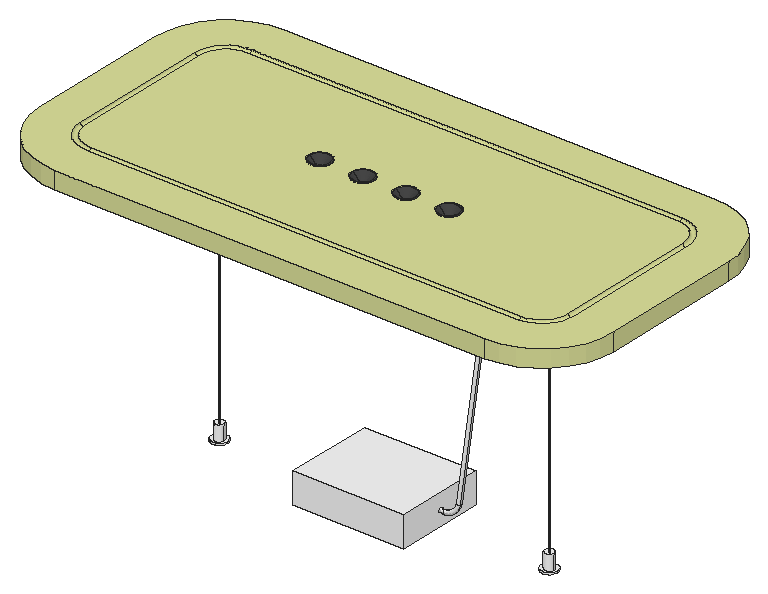
Revit family "902-0552", category Generic Models, host Face, Revit 2023
Family settings
  Host = Face
  Can host rebar = No
  Round Connector Dimension = Use Diameter
  Part Type = Normal
  Cut with Voids When Loaded = No
  Maintain Annotation Orientation = No
  Shared = No
  Room Calculation Point = No
Parameters (values of type "20")
  Suspension height = 400 mm
  S_H1 = 2 mm
  S_D2 = 1.5 mm
  S_D1 = 7.5 mm
  S1_H2 = 30 mm
  R4 = 03 Crystal White
  R3 [instance] = 22 Spring Green
  Model = "902-0552"
  Manufacturer = "Prolicht"
  M_L2 = 240 mm
  M_L1 = 60 mm
  M_H1 = 50 mm
  Light_distribution = lvk_Focus_2023 : 20°
  K_D1 = 5 mm
  H_L2 = 40 mm
  H_L1 = 120 mm
  H_H1 = 376 mm
  H_D1 = 420 mm
  Focus_T1 = 24 mm
  Focus_R1 = 100 mm
  Focus_L2 = 400 mm
  Focus_L1 = 800 mm
  Focus_D2 = 8 mm
  Focus_D1 = 31 mm
  F2 [instance] = 02 Black Velvet
  F1 [instance] = 03 Crystal White
  Default Elevation = 1219.2 mm
  C_L2 = 155 mm
  C_L1 = 125 mm
  C_H1 = 42 mm
  AB_H2 = 1.8 mm
  AB_H1 = 22 mm
  AB_D2 = 22.5 mm
  AB_D1 = 13 mm
Types (3, lengths in mm): name | Light_distribution
  (no name) | lvk_Focus_2023 : 20°
  20 | lvk_Focus_2023 : 20°
  40 | lvk_Focus_2023 : 40°
Reference planes
  plane 1 "Center (Front/Back)": y = 0
  plane 2: z = 0
  plane 3 "Center (Left/Right)": x = 0
Forms (mm)
  Extrusion 1, solid, material "22 Spring Green" <- "R3"
    sketch origin (0, 0, 0) x (1, 0, 0) y (0, 1, 0)
      loop
        arc (-300, 200) -> (-370.711, 170.711) -> (-400, 100) r 100
        line (-400, 100) -> (-400, -100)
        arc (-400, -100) -> (-370.711, -170.711) -> (-300, -200) r 100
        line (-300, -200) -> (300, -200)
        arc (300, -200) -> (370.711, -170.711) -> (400, -100) r 100
        line (400, -100) -> (400, 100)
        arc (400, 100) -> (370.711, 170.711) -> (300, 200) r 100
        line (300, 200) -> (-300, 200)
      loop
        circle (-30, 0) r 15.5
      loop
        circle (-90, 0) r 15.5
      loop
        circle (30, 0) r 15.5
      loop
        circle (90, 0) r 15.5
    from 376 to 400
  Sweep 2, void
    path in 3D
      loop
        arc (-300, -140, 400) -> (-328.284, -128.284, 400) -> (-340, -100, 400) r 40
        line (-340, -100, 400) -> (-340, 100, 400)
        arc (-340, 100, 400) -> (-328.284, 128.284, 400) -> (-300, 140, 400) r 40
        line (-300, 140, 400) -> (300, 140, 400)
        arc (300, 140, 400) -> (328.284, 128.284, 400) -> (340, 100, 400) r 40
        line (340, 100, 400) -> (340, -100, 400)
        arc (340, -100, 400) -> (328.284, -128.284, 400) -> (300, -140, 400) r 40
        line (300, -140, 400) -> (-300, -140, 400)
    profile origin (0, -140, 400) x (0, -1, 0) y (0, 0, 1)
      loop
        circle (0, 0) r 4
  Extrusion 3, solid, material "03 Crystal White" <- "F1"
    sketch origin (0, 0, 0) x (1, 0, 0) y (0, 1, 0)
      loop
        line (-77.5, 62.5) -> (-77.5, -62.5) -> (77.5, -62.5) -> (77.5, 62.5) -> (-77.5, 62.5)
    from 0 to 42
  Extrusion 4, solid, material "02 Black Velvet"
    sketch origin (0, 0, 0) x (1, 0, 0) y (0, 1, 0)
      loop
        line (-120, 30) -> (-120, -30) -> (120, -30) -> (120, 30) -> (-120, 30)
    from 326 to 376
  Revolve 5, solid, material "02 Black Velvet" <- "F2"
    sketch origin (0, 0, 0) x (1, 0, 0) y (0, 0, 1)
      loop
        line (105.5, 400) -> (103.85, 400) -> (94.5, 390)
        arc (94.5, 390) -> (97.381, 386.776) -> (98.5, 382.6) r 9.333
        line (98.5, 382.6) -> (100.902, 376) -> (105.5, 376) -> (105.5, 400)
      axis (90, 400) -> (90, 376)
    angle from 0 to 360
  Revolve 6, solid, material "Linsenoptik"
    sketch origin (0, 0, 0) x (1, 0, 0) y (0, 0, 1)
      loop
        arc (94.5, 390) -> (92.819, 390.191) -> (91.127, 390.153) r 12.546
        arc (91.127, 390.153) -> (90.573, 390.307) -> (90, 390.338) r 2.661
        line (90, 390.338) -> (90, 382.6) -> (98.5, 382.6)
        arc (98.5, 382.6) -> (97.383, 386.777) -> (94.5, 390) r 9.314
      axis (90, 390.338) -> (90, 382.6)
    angle from 0 to 360
  Revolve 7, solid, material "02 Black Velvet" <- "F2"
    sketch origin (-60, 0, 0) x (1, 0, 0) y (0, 0, 1)
      loop
        line (105.5, 400) -> (103.85, 400) -> (94.5, 390)
        arc (94.5, 390) -> (97.381, 386.776) -> (98.5, 382.6) r 9.333
        line (98.5, 382.6) -> (100.902, 376) -> (105.5, 376) -> (105.5, 400)
      axis (90, 400) -> (90, 376)
    angle from 0 to 360
  Revolve 8, solid, material "Linsenoptik"
    sketch origin (-60, 0, 0) x (1, 0, 0) y (0, 0, 1)
      loop
        arc (94.5, 390) -> (92.819, 390.191) -> (91.127, 390.153) r 12.546
        arc (91.127, 390.153) -> (90.573, 390.307) -> (90, 390.338) r 2.661
        line (90, 390.338) -> (90, 382.6) -> (98.5, 382.6)
        arc (98.5, 382.6) -> (97.383, 386.777) -> (94.5, 390) r 9.314
      axis (90, 390.338) -> (90, 382.6)
    angle from 0 to 360
  Revolve 9, solid, material "02 Black Velvet" <- "F2"
    sketch origin (-120, 0, 0) x (1, 0, 0) y (0, 0, 1)
      loop
        line (105.5, 400) -> (103.85, 400) -> (94.5, 390)
        arc (94.5, 390) -> (97.381, 386.776) -> (98.5, 382.6) r 9.333
        line (98.5, 382.6) -> (100.902, 376) -> (105.5, 376) -> (105.5, 400)
      axis (90, 400) -> (90, 376)
    angle from 0 to 360
  Revolve 10, solid, material "Linsenoptik"
    sketch origin (-120, 0, 0) x (1, 0, 0) y (0, 0, 1)
      loop
        arc (94.5, 390) -> (92.819, 390.191) -> (91.127, 390.153) r 12.546
        arc (91.127, 390.153) -> (90.573, 390.307) -> (90, 390.338) r 2.661
        line (90, 390.338) -> (90, 382.6) -> (98.5, 382.6)
        arc (98.5, 382.6) -> (97.383, 386.777) -> (94.5, 390) r 9.314
      axis (90, 390.338) -> (90, 382.6)
    angle from 0 to 360
  Revolve 11, solid, material "02 Black Velvet" <- "F2"
    sketch origin (-180, 0, 0) x (1, 0, 0) y (0, 0, 1)
      loop
        line (105.5, 400) -> (103.85, 400) -> (94.5, 390)
        arc (94.5, 390) -> (97.381, 386.776) -> (98.5, 382.6) r 9.333
        line (98.5, 382.6) -> (100.902, 376) -> (105.5, 376) -> (105.5, 400)
      axis (90, 400) -> (90, 376)
    angle from 0 to 360
  Revolve 12, solid, material "Linsenoptik"
    sketch origin (-180, 0, 0) x (1, 0, 0) y (0, 0, 1)
      loop
        arc (94.5, 390) -> (92.819, 390.191) -> (91.127, 390.153) r 12.546
        arc (91.127, 390.153) -> (90.573, 390.307) -> (90, 390.338) r 2.661
        line (90, 390.338) -> (90, 382.6) -> (98.5, 382.6)
        arc (98.5, 382.6) -> (97.383, 386.777) -> (94.5, 390) r 9.314
      axis (90, 390.338) -> (90, 382.6)
    angle from 0 to 360
  Extrusion 13, solid, material "Stainless Steel, Polished"
    sketch origin (0, 0, 0) x (1, 0, 0) y (0, 1, 0)
      loop
        line (-250, 60) -> (-250, -60) -> (-210, -60) -> (-210, 60) -> (-250, 60)
      loop
        line (250, 60) -> (210, 60) -> (210, -60) -> (250, -60) -> (250, 60)
    from 374 to 376
  Sweep 14, solid, material "Stainless Steel, Polished"
    path origin (0, 0, 378.328) x (0, -1, 0) y (0, 0, 1)
      loop
        arc (37.833, -3.387) -> (23.424, -34.04) -> (0, -58.505) r 104.916
    profile origin (0, -23.424, 344.287) x (0, -0.824465, -0.565913) y (-1, 0, 0)
      loop
        circle (0, 230) r 0.75
  Sweep 15, solid, material "Stainless Steel, Polished"
    path origin (0, 0, 378.328) x (0, 1, 0) y (0, 0, -1)
      loop
        arc (37.833, 3.387) -> (23.424, 34.04) -> (0, 58.505) r 104.916
    profile origin (0, 23.424, 344.287) x (0, -0.824465, 0.565913) y (-1, 0, 0)
      loop
        circle (0, 230) r 0.75
  Extrusion 16, solid, material "Stainless Steel, Polished"
    sketch origin (0, 0, 0) x (1, 0, 0) y (0, 1, 0)
      loop
        circle (-230, 0) r 3.75
    from 296 to 326
  Extrusion 17, solid, material "Stainless Steel, Polished"
    sketch origin (0, 0, 0) x (1, 0, 0) y (0, 1, 0)
      loop
        circle (-230, 0) r 0.75
    from 0 to 320.422
  Sweep 18, solid, material "Stainless Steel, Polished"
    path origin (0, 0, 378.328) x (0, -1, 0) y (0, 0, -1)
      loop
        arc (37.833, 3.387) -> (23.424, 34.04) -> (0, 58.505) r 104.916
    profile origin (0, -23.424, 344.287) x (0, 0.824465, 0.565913) y (1, 0, 0)
      loop
        circle (0, 230) r 0.75
  Sweep 19, solid, material "Stainless Steel, Polished"
    path origin (0, 0, 378.328) x (0, 1, 0) y (0, 0, 1)
      loop
        arc (37.833, -3.387) -> (23.424, -34.04) -> (0, -58.505) r 104.916
    profile origin (0, 23.424, 344.287) x (0, 0.824465, -0.565913) y (1, 0, 0)
      loop
        circle (0, 230) r 0.75
  Extrusion 20, solid, material "Stainless Steel, Polished"
    sketch origin (0, 0, 0) x (-1, 0, 0) y (0, -1, 0)
      loop
        circle (-230, 0) r 3.75
    from 296 to 326
  Extrusion 21, solid, material "Stainless Steel, Polished"
    sketch origin (0, 0, 0) x (-1, 0, 0) y (0, -1, 0)
      loop
        circle (-230, 0) r 0.75
    from 0 to 319.223
  Sweep 22, solid, material "03 Crystal White" <- "R4"
    path origin (0, 0, 0) x (1, 0, 0) y (0, 0, 1)
      loop
        line (120, 351) -> (125.195, 351)
        arc (125.195, 351) -> (140.289, 344.121) -> (145, 328.217) r 20
        line (145, 328.217) -> (104.243, 38.217)
        arc (104.243, 38.217) -> (97.559, 25.906) -> (84.438, 21) r 20
        line (84.438, 21) -> (77.5, 21)
    profile origin (122.597, 0, 351) x (0, 0, 1) y (0, -1, 0)
      loop
        circle (0, 0) r 2.5
  Extrusion 23, solid, material "03 Crystal White" <- "F1"
    sketch origin (0, 0, 0) x (1, 0, 0) y (0, 1, 0)
      loop
        circle (-230, 0) r 6.5
    from 0 to 22
  Extrusion 24, solid, material "03 Crystal White" <- "F1"
    sketch origin (0, 0, 0) x (1, 0, 0) y (0, 1, 0)
      loop
        circle (-230, 0) r 11.25
    from 0 to 1.8
  Extrusion 25, solid, material "03 Crystal White" <- "F1"
    sketch origin (0, 0, 0) x (-1, 0, 0) y (0, -1, 0)
      loop
        circle (-230, 0) r 6.5
    from 0 to 22
  Extrusion 26, solid, material "03 Crystal White" <- "F1"
    sketch origin (0, 0, 0) x (-1, 0, 0) y (0, -1, 0)
      loop
        circle (-230, 0) r 11.25
    from 0 to 1.8
Cuts and joins
  Sweep 2 cuts Extrusion 1
  joined: Extrusion 23, Extrusion 24
Lines and regions (mm)
  model lines, style "InvisibleLines"
    curve 1: arc (-340, 100, 400) -> (-328.284, 128.284, 400) -> (-300, 140, 400) r 40
    curve 2: line (-300, 140, 400) -> (300, 140, 400)
    curve 3: arc (340, 100, 400) -> (328.284, 128.284, 400) -> (300, 140, 400) r 40
    curve 4: line (340, 100, 400) -> (340, -100, 400)
    curve 5: arc (300, -140, 400) -> (328.284, -128.284, 400) -> (340, -100, 400) r 40
    curve 6: line (300, -140, 400) -> (-300, -140, 400)
    curve 7: arc (-300, -140, 400) -> (-328.284, -128.284, 400) -> (-340, -100, 400) r 40
    curve 8: line (-340, -100, 400) -> (-340, 100, 400)
  sketch lines
    curve 9: line (300, -140, 400) -> (-300, -140, 400)
    curve 10: arc (300, -140, 400) -> (328.284, -128.284, 400) -> (340, -100, 400) r 40
    curve 11: arc (-300, -140, 400) -> (-328.284, -128.284, 400) -> (-340, -100, 400) r 40
    curve 12: line (-340, -100, 400) -> (-340, 100, 400)
    curve 13: line (-300, 140, 400) -> (300, 140, 400)
    curve 14: arc (-340, 100, 400) -> (-328.284, 128.284, 400) -> (-300, 140, 400) r 40
    curve 15: arc (340, 100, 400) -> (328.284, 128.284, 400) -> (300, 140, 400) r 40
    curve 16: line (340, 100, 400) -> (340, -100, 400)
  reference lines
    curve 17: line (-230, 60, 0) -> (-230, -60, 0)
    curve 18: line (230, 60, 42) -> (230, -60, 42)
    curve 19: line (-230, 60, 42) -> (-230, -60, 42)
    curve 20: line (230, 60, 0) -> (230, -60, 0)
Dimensions and locks
  "Focus_L2": Extrusion 1 sketch curve to Extrusion 1 sketch curve
  "Focus_L1": Extrusion 1 sketch curve to Extrusion 1 sketch curve
  equal spacing: Extrusion 1 sketch curve, plane 3 "Center (Left/Right)", Extrusion 1 sketch curve
  equal spacing: Extrusion 1 sketch curve, plane 1 "Center (Front/Back)", Extrusion 1 sketch curve
  "Focus_T1": Extrusion 1 to Extrusion 1
  "Suspension height": host face to Extrusion 1
  "C_L1": Extrusion 3 sketch curve to Extrusion 3 sketch curve
  equal spacing: Extrusion 3 sketch curve, plane 1 "Center (Front/Back)", Extrusion 3 sketch curve
  "C_L2": Extrusion 3 sketch curve to Extrusion 3 sketch curve
  equal spacing: Extrusion 3 sketch curve, plane 3 "Center (Left/Right)", Extrusion 3 sketch curve
  "C_H1": host face to Extrusion 3
  "M_L1": Extrusion 4 sketch curve to Extrusion 4 sketch curve
  "M_L2": Extrusion 4 sketch curve to Extrusion 4 sketch curve
  equal spacing: Extrusion 4 sketch curve, plane 3 "Center (Left/Right)", Extrusion 4 sketch curve
  equal spacing: Extrusion 4 sketch curve, plane 1 "Center (Front/Back)", Extrusion 4 sketch curve
  "M_H1": Extrusion 4 to cut or joined group of Extrusion 1, Sweep 2
  "H_D1": Extrusion 13 sketch curve to Extrusion 13 sketch curve
  equal spacing: Extrusion 13 sketch curve, plane 3 "Center (Left/Right)", Extrusion 13 sketch curve
  "H_L2": Extrusion 13 sketch curve to Extrusion 13 sketch curve  (x2)
  "H_L1": Extrusion 13 sketch curve to Extrusion 13 sketch curve  (x2)
  equal spacing: Extrusion 13 sketch curve, plane 1 "Center (Front/Back)", Extrusion 13 sketch curve  (x2)
  "S_H1": Extrusion 13 to cut or joined group of Extrusion 1, Sweep 2
  "S1_H2": Extrusion 16 to Extrusion 16
  "AB_H1": host face to Extrusion 23
  "AB_H2": host face to Extrusion 24
  "Focus_R1": radius of Extrusion 1 sketch curve  (x4)
  "Focus_D1": diameter of Extrusion 1 sketch curve  (x4)
  "Focus_D2": diameter of Sweep 2 sketch curve
  "S_D2": diameter of Sweep 14 sketch curve
  "S_D2": diameter of Sweep 15 sketch curve
  "S_D1": diameter of Extrusion 16 sketch curve
  "S_D2": diameter of Extrusion 17 sketch curve
  "S_D2": diameter of Sweep 18 sketch curve
  "S_D2": diameter of Sweep 19 sketch curve
  "S_D1": diameter of Extrusion 20 sketch curve
  "S_D2": diameter of Extrusion 21 sketch curve
  "K_D1": diameter of Sweep 22 sketch curve
  "AB_D1": diameter of Extrusion 23 sketch curve
  "AB_D2": diameter of Extrusion 24 sketch curve
  "AB_D1": diameter of Extrusion 25 sketch curve
  "AB_D2": diameter of Extrusion 26 sketch curve
  aligned and locked: plane 2 to host face
  aligned and locked: level to host face
  aligned and locked: Extrusion 4 to cut or joined group of Extrusion 1, Sweep 2
  aligned and locked: Extrusion 16 to Extrusion 4
  aligned and locked: Extrusion 17 to host face
  aligned and locked: Extrusion 17 to Sweep 14
  aligned and locked: Sweep 18 to Extrusion 21
Automatic sketch dimensions
  host sketch curve to host sketch curve = 2438.4 mm  (x2)
  curve 7 to curve 7 = 40 mm
  curve 2 to curve 4 = 40 mm
  plane 3 "Center (Left/Right)" to Revolve 5 sketch curve = 89.17 mm
  Revolve 5 sketch curve to Revolve 5 sketch curve = 5.33 mm
  Revolve 5 sketch curve to Revolve 5 sketch curve = 4 mm
  Revolve 5 sketch curve to Revolve 5 sketch curve = 2.402 mm
  Revolve 5 sketch curve to Revolve 5 sketch curve = 9.35 mm
  Revolve 5 sketch curve to Revolve 5 sketch curve = 4.598 mm
  level to Revolve 5 sketch curve = 376 mm
  Revolve 5 sketch curve to Revolve 5 sketch curve = 6.338 mm  (x2)
  Revolve 5 sketch curve to Revolve 5 sketch curve = 6.6 mm
  Revolve 5 sketch curve to Revolve 5 sketch curve = 10 mm  (x2)
  Revolve 5 sketch curve to Revolve 5 sketch curve = 0.83 mm
  plane 3 "Center (Left/Right)" to Revolve 6 sketch curve = 89.19 mm
  Revolve 6 sketch curve to Revolve 6 sketch curve = 0.81 mm
  Revolve 6 sketch curve to Revolve 6 sketch curve = 0.142 mm
  Revolve 6 sketch curve to Revolve 6 sketch curve = 2.25 mm
  Revolve 6 sketch curve to Revolve 6 sketch curve = 6.25 mm
  level to Revolve 6 sketch curve = 377.657 mm
  Revolve 6 sketch curve to Revolve 6 sketch curve = 4.692 mm
  Revolve 6 sketch curve to Revolve 6 sketch curve = 4.943 mm
  Revolve 6 sketch curve to Revolve 6 sketch curve = 5.08 mm
  Revolve 6 sketch curve to Revolve 6 sketch curve = 2.658 mm
  Revolve 6 sketch curve to Revolve 6 sketch curve = 0 mm
  Revolve 6 sketch curve to Revolve 6 sketch curve = 1.127 mm
  Revolve 6 sketch curve to Revolve 6 sketch curve = 1.657 mm
  Revolve 6 sketch curve to Revolve 6 sketch curve = 9.662 mm
  plane 3 "Center (Left/Right)" to Revolve 7 sketch curve = 29.17 mm
  Revolve 7 sketch curve to Revolve 7 sketch curve = 5.33 mm
  Revolve 7 sketch curve to Revolve 7 sketch curve = 4 mm
  Revolve 7 sketch curve to Revolve 7 sketch curve = 2.402 mm
  Revolve 7 sketch curve to Revolve 7 sketch curve = 9.35 mm
  Revolve 7 sketch curve to Revolve 7 sketch curve = 4.598 mm
  level to Revolve 7 sketch curve = 376 mm
  Revolve 7 sketch curve to Revolve 7 sketch curve = 6.338 mm  (x2)
  Revolve 7 sketch curve to Revolve 7 sketch curve = 6.6 mm
  Revolve 7 sketch curve to Revolve 7 sketch curve = 10 mm  (x2)
  Revolve 7 sketch curve to Revolve 7 sketch curve = 0.83 mm
  plane 3 "Center (Left/Right)" to Revolve 8 sketch curve = 29.19 mm
  Revolve 8 sketch curve to Revolve 8 sketch curve = 0.81 mm
  Revolve 8 sketch curve to Revolve 8 sketch curve = 0.142 mm
  Revolve 8 sketch curve to Revolve 8 sketch curve = 2.25 mm
  Revolve 8 sketch curve to Revolve 8 sketch curve = 6.25 mm
  level to Revolve 8 sketch curve = 377.657 mm
  Revolve 8 sketch curve to Revolve 8 sketch curve = 4.692 mm
  Revolve 8 sketch curve to Revolve 8 sketch curve = 4.943 mm
  Revolve 8 sketch curve to Revolve 8 sketch curve = 5.08 mm
  Revolve 8 sketch curve to Revolve 8 sketch curve = 2.658 mm
  Revolve 8 sketch curve to Revolve 8 sketch curve = 0 mm
  Revolve 8 sketch curve to Revolve 8 sketch curve = 1.127 mm
  Revolve 8 sketch curve to Revolve 8 sketch curve = 1.657 mm
  Revolve 8 sketch curve to Revolve 8 sketch curve = 9.662 mm
  Revolve 9 sketch curve to plane 3 "Center (Left/Right)" = 30.83 mm
  Revolve 9 sketch curve to Revolve 9 sketch curve = 5.33 mm
  Revolve 9 sketch curve to Revolve 9 sketch curve = 4 mm
  Revolve 9 sketch curve to Revolve 9 sketch curve = 2.402 mm
  Revolve 9 sketch curve to Revolve 9 sketch curve = 9.35 mm
  Revolve 9 sketch curve to Revolve 9 sketch curve = 4.598 mm
  level to Revolve 9 sketch curve = 376 mm
  Revolve 9 sketch curve to Revolve 9 sketch curve = 6.338 mm  (x2)
  Revolve 9 sketch curve to Revolve 9 sketch curve = 6.6 mm
  Revolve 9 sketch curve to Revolve 9 sketch curve = 10 mm  (x2)
  Revolve 9 sketch curve to Revolve 9 sketch curve = 0.83 mm
  Revolve 10 sketch curve to plane 3 "Center (Left/Right)" = 30.81 mm
  Revolve 10 sketch curve to Revolve 10 sketch curve = 0.81 mm
  Revolve 10 sketch curve to Revolve 10 sketch curve = 0.142 mm
  Revolve 10 sketch curve to Revolve 10 sketch curve = 2.25 mm
  Revolve 10 sketch curve to Revolve 10 sketch curve = 6.25 mm
  level to Revolve 10 sketch curve = 377.657 mm
  Revolve 10 sketch curve to Revolve 10 sketch curve = 4.692 mm
  Revolve 10 sketch curve to Revolve 10 sketch curve = 4.943 mm
  Revolve 10 sketch curve to Revolve 10 sketch curve = 5.08 mm
  Revolve 10 sketch curve to Revolve 10 sketch curve = 2.658 mm
  Revolve 10 sketch curve to Revolve 10 sketch curve = 0 mm
  Revolve 10 sketch curve to Revolve 10 sketch curve = 1.127 mm
  Revolve 10 sketch curve to Revolve 10 sketch curve = 1.657 mm
  Revolve 10 sketch curve to Revolve 10 sketch curve = 9.662 mm
  Revolve 11 sketch curve to plane 3 "Center (Left/Right)" = 90.83 mm
  Revolve 11 sketch curve to Revolve 11 sketch curve = 5.33 mm
  Revolve 11 sketch curve to Revolve 11 sketch curve = 4 mm
  Revolve 11 sketch curve to Revolve 11 sketch curve = 2.402 mm
  Revolve 11 sketch curve to Revolve 11 sketch curve = 9.35 mm
  Revolve 11 sketch curve to Revolve 11 sketch curve = 4.598 mm
  level to Revolve 11 sketch curve = 376 mm
  Revolve 11 sketch curve to Revolve 11 sketch curve = 6.338 mm  (x2)
  Revolve 11 sketch curve to Revolve 11 sketch curve = 6.6 mm
  Revolve 11 sketch curve to Revolve 11 sketch curve = 10 mm  (x2)
  Revolve 11 sketch curve to Revolve 11 sketch curve = 0.83 mm
  Revolve 12 sketch curve to plane 3 "Center (Left/Right)" = 90.81 mm
  Revolve 12 sketch curve to Revolve 12 sketch curve = 0.81 mm
  Revolve 12 sketch curve to Revolve 12 sketch curve = 0.142 mm
  Revolve 12 sketch curve to Revolve 12 sketch curve = 2.25 mm
  Revolve 12 sketch curve to Revolve 12 sketch curve = 6.25 mm
  level to Revolve 12 sketch curve = 377.657 mm
  Revolve 12 sketch curve to Revolve 12 sketch curve = 4.692 mm
  Revolve 12 sketch curve to Revolve 12 sketch curve = 4.943 mm
  Revolve 12 sketch curve to Revolve 12 sketch curve = 5.08 mm
  Revolve 12 sketch curve to Revolve 12 sketch curve = 2.658 mm
  Revolve 12 sketch curve to Revolve 12 sketch curve = 0 mm
  Revolve 12 sketch curve to Revolve 12 sketch curve = 1.127 mm
  Revolve 12 sketch curve to Revolve 12 sketch curve = 1.657 mm
  Revolve 12 sketch curve to Revolve 12 sketch curve = 9.662 mm
  plane 1 "Center (Front/Back)" to curve 17 = 60 mm
  curve 17 to plane 3 "Center (Left/Right)" = 230 mm
  plane 1 "Center (Front/Back)" to curve 20 = 60 mm
  plane 3 "Center (Left/Right)" to curve 20 = 230 mm
  curve 20 to plane 1 "Center (Front/Back)" = 60 mm
  curve 17 to plane 1 "Center (Front/Back)" = 60 mm
  curve 19 to curve 18 = 460 mm
  curve 19 to curve 18 = 0 mm
  curve 19 to curve 19 = 120 mm
  curve 18 to curve 18 = 120 mm
  Sweep 14 sketch curve to plane 1 "Center (Front/Back)" = 0 mm
  Sweep 14 sketch curve to plane 1 "Center (Front/Back)" = 63.075 mm
  level to Sweep 14 sketch curve = 403.661 mm
  plane 1 "Center (Front/Back)" to Sweep 14 sketch curve = 37.833 mm
  Sweep 14 sketch curve to Sweep 14 sketch curve = 28.72 mm
  Sweep 15 sketch curve to plane 1 "Center (Front/Back)" = 0 mm
  plane 1 "Center (Front/Back)" to Sweep 15 sketch curve = 63.075 mm
  level to Sweep 15 sketch curve = 403.661 mm
  Sweep 15 sketch curve to plane 1 "Center (Front/Back)" = 37.833 mm
  Sweep 15 sketch curve to Sweep 15 sketch curve = 28.72 mm
  Sweep 18 sketch curve to plane 1 "Center (Front/Back)" = 0 mm
  Sweep 18 sketch curve to plane 1 "Center (Front/Back)" = 63.075 mm
  level to Sweep 18 sketch curve = 403.661 mm
  plane 1 "Center (Front/Back)" to Sweep 18 sketch curve = 37.833 mm
  Sweep 18 sketch curve to Sweep 18 sketch curve = 28.72 mm
  Sweep 19 sketch curve to plane 1 "Center (Front/Back)" = 0 mm
  plane 1 "Center (Front/Back)" to Sweep 19 sketch curve = 63.075 mm
  level to Sweep 19 sketch curve = 403.661 mm
  Sweep 19 sketch curve to plane 1 "Center (Front/Back)" = 37.833 mm
  Sweep 19 sketch curve to Sweep 19 sketch curve = 28.72 mm
  level to Sweep 22 sketch curve = 21 mm
  plane 3 "Center (Left/Right)" to Sweep 22 sketch curve = 84.438 mm
  level to Sweep 22 sketch curve = 38.217 mm
  Sweep 22 sketch curve to Sweep 22 sketch curve = 19.805 mm  (x2)
  plane 3 "Center (Left/Right)" to Sweep 22 sketch curve = 125.195 mm
  Sweep 22 sketch curve to Sweep 22 sketch curve = 290 mm
  Sweep 22 sketch curve to Sweep 22 sketch curve = 2.783 mm
  Sweep 22 sketch curve to Sweep 22 sketch curve = 6.938 mm
  Sweep 22 sketch curve to Sweep 22 sketch curve = 5.195 mm
  plane 1 "Center (Front/Back)" to Extrusion 1 sketch curve = 0 mm  (x4)
  Extrusion 1 sketch curve to plane 3 "Center (Left/Right)" = 90 mm
  Extrusion 1 sketch curve to plane 3 "Center (Left/Right)" = 30 mm
  plane 3 "Center (Left/Right)" to Extrusion 1 sketch curve = 30 mm
  Extrusion 1 sketch curve to Extrusion 1 sketch curve = 60 mm
  Sweep 2 sketch curve to profile plane = 0 mm  (x2)
  profile plane to Sweep 14 sketch curve = 0 mm
  profile plane to Sweep 14 sketch curve = 230 mm
  profile plane to Sweep 15 sketch curve = 0 mm
  profile plane to Sweep 15 sketch curve = 230 mm
  plane 1 "Center (Front/Back)" to Extrusion 16 sketch curve = 0 mm
  Extrusion 16 sketch curve to plane 3 "Center (Left/Right)" = 230 mm
  plane 1 "Center (Front/Back)" to Extrusion 17 sketch curve = 0 mm
  Extrusion 17 sketch curve to plane 3 "Center (Left/Right)" = 230 mm
  Sweep 18 sketch curve to profile plane = 0 mm
  profile plane to Sweep 18 sketch curve = 230 mm
  Sweep 19 sketch curve to profile plane = 0 mm
  profile plane to Sweep 19 sketch curve = 230 mm
  plane 1 "Center (Front/Back)" to Extrusion 20 sketch curve = 0 mm
  plane 3 "Center (Left/Right)" to Extrusion 20 sketch curve = 230 mm
  plane 1 "Center (Front/Back)" to Extrusion 21 sketch curve = 0 mm
  plane 3 "Center (Left/Right)" to Extrusion 21 sketch curve = 230 mm
  Sweep 22 sketch curve to plane 1 "Center (Front/Back)" = 0 mm
  profile plane to Sweep 22 sketch curve = 0 mm
  plane 1 "Center (Front/Back)" to Extrusion 23 sketch curve = 0 mm
  Extrusion 23 sketch curve to plane 3 "Center (Left/Right)" = 230 mm
  plane 1 "Center (Front/Back)" to Extrusion 24 sketch curve = 0 mm
  Extrusion 24 sketch curve to plane 3 "Center (Left/Right)" = 230 mm
  plane 1 "Center (Front/Back)" to Extrusion 25 sketch curve = 0 mm
  plane 3 "Center (Left/Right)" to Extrusion 25 sketch curve = 230 mm
  plane 1 "Center (Front/Back)" to Extrusion 26 sketch curve = 0 mm
  plane 3 "Center (Left/Right)" to Extrusion 26 sketch curve = 230 mm
  radius of curve 1 to Extrusion 1 = 60 mm
  radius of curve 5 to Extrusion 1 = 60 mm
Nested families
  nested 1: "lvk_Focus_2023" at (0, 0, 400), type <- "Light_distribution", type "20°"
Definition of nested family "lvk_Focus_2023"
  Parameters (values of type "20°")
    Wattage = 24 W
    built-in parameter 1150110 = 1 (stored number, unit not read)
    built-in parameter 1114217 = 1 (stored number, unit not read)
    Tilt Angle = -90.00°
    built-in parameter 1150109 = 1 (stored number, unit not read)
    built-in parameter 1150134 = (empty or 0)
    built-in parameter 1150113 = 1 (stored number, unit not read)
    Photometric Web File = "220-0743-03-30-22_1050mA.ies"
    built-in parameter 1150105 = 9298.5 (stored number, unit not read)
    Lumens = 1836.96 lm
    built-in parameter 1150115 = 1 (stored number, unit not read)
    built-in parameter 1150137 = (empty or 0)
    built-in parameter 1150139 = (empty or 0)
    built-in parameter 1150112 = 1 (stored number, unit not read)
    built-in parameter 1150114 = 1 (stored number, unit not read)
    built-in parameter 1150132 = (empty or 0)
    built-in parameter 1150102 = (empty or 0)
    built-in parameter 1150107 = 3000 (stored number, unit not read)
    built-in parameter 1150138 = (empty or 0)
    built-in parameter 1150106 = 92.985 (stored number, unit not read)
    Emit_L = 180 mm
    Emit_B = 40 mm
    Emit from Rectangle Width = Emit_B  # 40 mm
    Emit from Rectangle Length = Emit_L  # 180 mm
    Emit Shape Visible in Rendering = no
    built-in parameter 1150104 = 7.1108 (stored number, unit not read)
    Dimming Lamp Color Temperature Shift = (empty or 0)
    Default Elevation = 1219.2 mm
    Color Filter = 16777215
    built-in parameter 1114218 = 1 (stored number, unit not read)
    built-in parameter 1150133 = 10 (stored number, unit not read)
  Types (2, lengths in mm): name | Photometric Web File | built-in parameter 1150105 | Lumens | built-in parameter 1150106 | built-in parameter 1150104
    40° | "220-0743-H30-W44-i13.3W.ies" | 153.82 (stored number, unit not read) | 1932.96 lm | 1.5382 (stored number, unit not read) | 7.4824 (stored number, unit not read)
    20° | "220-0743-03-30-22_1050mA.ies" | 9298.5 (stored number, unit not read) | 1836.96 lm | 92.985 (stored number, unit not read) | 7.1108 (stored number, unit not read)
  Reference planes
    plane 1 "Center (Front/Back)": y = 0
    plane 2: z = 0
    plane 3 "Center (Left/Right)": x = 0
  Forms (mm)
    Extrusion 1, solid
      sketch origin (0, 0, 0) x (1, 0, 0) y (0, 1, 0)
        loop
          line (-1219.2, 1219.2) -> (-1219.2, -1219.2) -> (1219.2, -1219.2) -> (1219.2, 1219.2) -> (-1219.2, 1219.2)
      from 0 to -304.8
  Dimensions and locks
    aligned and locked: plane 2 to Extrusion 1
    aligned and locked: level to Extrusion 1
